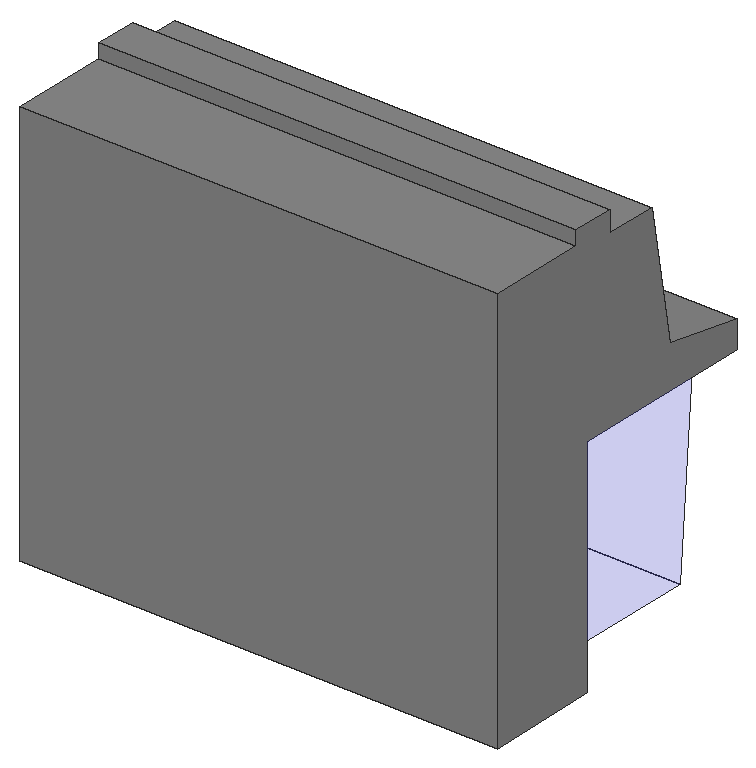
Revit family "b10557fa10e84a35925199b5ff58e3d0", category Lighting Fixtures, host Wall, Revit 2021
Family settings
  Host = Wall
  Round Connector Dimension = Use Diameter
  Part Type = Normal
  OmniClass Number = 23.80.70.14.11.17
  OmniClass Title = Wall or Ceiling Mounted External Lighting
  Seek Item ID = Wall Pack Light - Exterior-0000-USA-ENU
  Always vertical = Yes
  Cut with Voids When Loaded = No
  Light Source = Yes
  Shared = No
  Room Calculation Point = No
Parameters (values of type "277V")
  Wattage = 70 W
  Wall Mount Material = Metal - Paint Finish - Dark Grey, Matte
  built-in parameter 1150110 = 1 (stored number, unit not read)
  built-in parameter 1114217 = 1 (stored number, unit not read)
  built-in parameter 1150109 = 1 (stored number, unit not read)
  built-in parameter 1150134 = 12
  built-in parameter 1150113 = 1 (stored number, unit not read)
  Shade Material = Glass
  built-in parameter 1150115 = 1 (stored number, unit not read)
  built-in parameter 1150105 = 437.67 (stored number, unit not read)
  Load Classification = Lighting - Exterior
  Light Source Symbol Size = 2' - 0"
  built-in parameter 1150137 = 1
  built-in parameter 1150139 = (empty or 0)
  built-in parameter 1150112 = 1 (stored number, unit not read)
  built-in parameter 1150114 = 1 (stored number, unit not read)
  built-in parameter 1150132 = (empty or 0)
  built-in parameter 1150102 = (empty or 0)
  built-in parameter 1150138 = (empty or 0)
  built-in parameter 1150107 = 4000 (stored number, unit not read)
  built-in parameter 1150106 = 4.3767 (stored number, unit not read)
  built-in parameter 1150104 = 7.2994 (stored number, unit not read)
  Dimming Lamp Color Temperature Shift = <None>
  Default Elevation = 0' - 0"
  Color Filter = 16777215
  Ballast Voltage = 277 V
  Ballast Number of Poles = 1
  built-in parameter 1114218 = 1 (stored number, unit not read)
  built-in parameter 1150133 = 10 (stored number, unit not read)
  Assembly Code = "D5020230"
  Lumens = 5499.9 lm
  Mounting Height = 9' - 0"
  Apparent Load = 70 VA
Types (3): name | Ballast Voltage
  (no name) | 277 V
  120V | 120 V
  277V | 277 V
Reference planes (in)
  plane 1: y = 0
  plane 2 "Light Source Axis": y = 9
  plane 3 "Light Source Axis": x = 4.79386
  plane 4 "Light Source Elevation": z = 100.75
  plane 5: z = 108
  plane 6: z = 93.5
  plane 7: x = 13.29386
  plane 8: x = -3.70614
  plane 9: y = 7
  plane 10: y = 3
  plane 11: x = -2.7061
  plane 12: x = 12.29386
Forms (in)
  Extrusion 1, solid, material "Metal - Paint Finish - Dark Grey, Matte" <- "Wall Mount Material"
    sketch origin (-3.70614, 7, 71.54095) x (0, -1, 0) y (0, 0, 1)
      loop
        line (0.5, 36.45905) -> (0.5, 36.95905) -> (-1, 36.95905) -> (-1, 36.20905) -> (-2.86775, 36.20905) -> (-3.69459, 31.51982) -> (-6.64902, 30.99888) -> (-6.64902, 29.99888) -> (0, 29.99888) -> (0, 21.95905) -> (4, 21.95905) -> (4, 36.45905) -> (0.5, 36.45905)
    from -17 to 0
  Extrusion 2, solid, material "Glass" <- "Shade Material"
    sketch origin (-3.70614, 7, 71.54095) x (0, -1, 0) y (0, 0, 1)
      loop
        line (-5.99674, 29.95905) -> (-5.40239, 22.70905) -> (0, 22.70905) -> (0, 29.95905) -> (-5.99674, 29.95905)
    from -16 to -1.00004
Lines and regions (in)
  symbolic lines
    curve 1: line (-3.70614, 3, 0) -> (13.29386, 3, 0)
    curve 3: line (-3.70614, 13.64902, 0) -> (13.29386, 13.64902, 0)
    curve 5: line (13.29386, 6.5, 0) -> (-3.70614, 6.5, 0)
    curve 7: line (-3.70614, 13.64902, 0) -> (-3.70614, 6.5, 0)
    curve 8: line (13.29386, 13.64902, 0) -> (13.29386, 6.5, 0)
  symbolic lines, detail levels coarse+medium
    curve 2: line (4.79386, 3, 0) -> (4.79386, 6.5, 0)
  symbolic lines, detail levels fine
    curve 4: line (-3.70614, 6.5, 0) -> (-3.70614, 13.64902, 0)
    curve 6: line (13.29386, 13.64902, 0) -> (13.29386, 6.5, 0)
    curve 9: line (-3.70614, 13.64902, 0) -> (-3.70614, 3, 0)
    curve 10: line (13.29386, 13.64902, 0) -> (13.29386, 3, 0)
Text (in)
  text "Placement Side" at (0, 40.15149, 123.01588), in view "Right"
  text "Placement Side" at (-47.6235, 15.88885, 0), in view "Ref. Level"
  text "Placement Side" at (0, 55.10834, 124.27822), in view "Left"
Dimensions and locks (in)
  equal spacing: plane 6, plane 4 "Light Source Elevation", plane 5
  plane 6 to plane 5 = 1' - 2 1/2"
  equal spacing: plane 7, plane 3 "Light Source Axis", plane 8
  plane 7 to plane 8 = 1' - 5"
  "Mounting Height": level to plane 5
  locked: plane 10 to host wall
  locked: plane 8 to plane 11 at 1.00004
  locked: plane 12 to plane 7 at 1
  locked: plane 9 to plane 10 at 4
  locked: plane 9 to plane 2 "Light Source Axis" at 2
  curve 1 to curve 5 = 0' - 3 1/2"
  aligned and locked: plane 7 to Extrusion 1
  aligned and locked: Extrusion 1 to plane 8
  aligned and locked: plane 11 to Extrusion 2
  aligned and locked: Extrusion 2 to plane 12
  aligned and locked: plane 3 "Light Source Axis" to imposter light
  aligned and locked: plane 2 "Light Source Axis" to imposter light
  aligned and locked: plane 4 "Light Source Elevation" to imposter light
Automatic sketch dimensions
  Extrusion 2 sketch curve to plane 9 = 0' - 0"
  Extrusion 2 sketch curve to plane 6 = 0' - 0 3/4"
  Extrusion 2 sketch curve to plane 2 "Light Source Axis" = 0' - 3.40239"
  Extrusion 2 sketch curve to plane 4 "Light Source Elevation" = 0' - 0 3/4"
  Extrusion 2 sketch curve to plane 2 "Light Source Axis" = 0' - 3.99674"
  Extrusion 1 sketch curve to plane 9 = 0' - 0"
  Extrusion 1 sketch curve to plane 5 = 0' - 0"
  Extrusion 1 sketch curve to host wall = 0' - 0"
  Extrusion 1 sketch curve to plane 6 = 0' - 0"
  plane 2 "Light Source Axis" to Extrusion 1 sketch curve = 0' - 1"
  Extrusion 1 sketch curve to plane 2 "Light Source Axis" = 0' - 1.69459"
  Extrusion 1 sketch curve to plane 4 "Light Source Elevation" = 0' - 1.78982"
  Extrusion 1 sketch curve to Extrusion 1 sketch curve = 0' - 2.95442"
  Extrusion 1 sketch curve to plane 9 = 0' - 0 1/2"
  Extrusion 1 sketch curve to plane 4 "Light Source Elevation" = 0' - 0.78982"
  Extrusion 1 sketch curve to plane 4 "Light Source Elevation" = 0' - 2.31077"
  plane 5 to Extrusion 1 sketch curve = 0' - 0 1/4"
  Extrusion 1 sketch curve to Extrusion 1 sketch curve = 0' - 0 1/2"
  Extrusion 1 sketch curve to plane 2 "Light Source Axis" = 0' - 0.86775"
  curve 1 to host wall = 0' - 0"
  curve 1 to plane 8 = 0' - 0"
  curve 2 to plane 3 "Light Source Axis" = 0' - 0"
  curve 10 to plane 7 = 0' - 0"
  curve 3 to plane 2 "Light Source Axis" = 0' - 4.64902"
Connectors (in)
  electrical at (4.79386, 3, 100.75), driven by "Apparent Load", driven by "Ballast Voltage", driven by "Ballast Number of Poles", driven by "Load Classification"
    settings: on Extrusion 1, index 1, voltage 277 V, apparent load 0 VA, apparent load phase1 70 VA, apparent load phase2 0 VA, apparent load phase3 0 VA, power factor 0.95, load classification "Lighting - Exterior", number of poles 1, system type 31, power factor state 1, is connector primary yes, connector utility no, sub classification motor no, connector description ""
